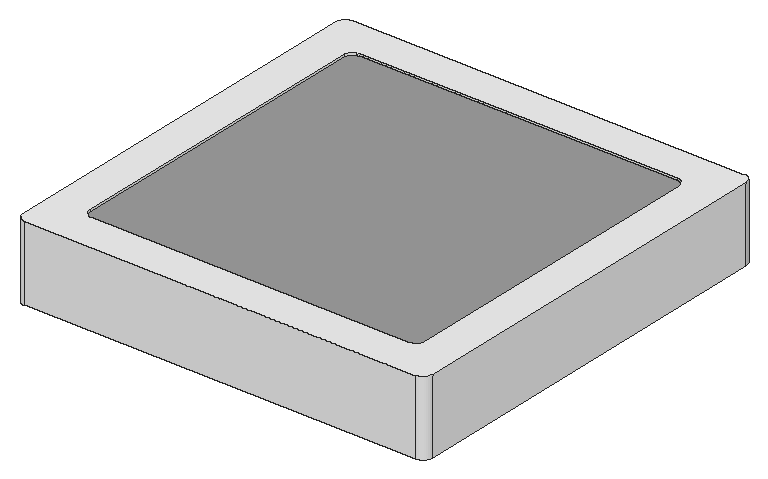
Revit family "0053304 Feilo Sylvania Lighting Fixture SYLFLAT SURFACE 1400 SQ 4000K", category Lighting Fixtures, host Face, Revit 2016
Family settings
  Host = Face
  Part Type = Normal
  Round Connector Dimension = Use Diameter
  OmniClass Number = 23.80.70.00
  OmniClass Title = Lighting
  Cut with Voids When Loaded = No
  Light Source = Yes
  Shared = No
  Room Calculation Point = No
Parameters (values of type "0053304 SYLFLAT SURFACE 1400 SQ 4000K")
  Weight = "6.588 kg"
  Wattage Comments = ""
  Wattage = 17 W
  WarrantyStartDate [instance] = "n/a"
  WarrantyGuarantorParts = "n/a"
  WarrantyDurationUnit = "n/a"
  WarrantyDurationParts = "n/a"
  WarrantyDescription = "n/a"
  built-in parameter 1150110 = 1 (stored number, unit not read)
  Voltage = 230 V
  URL = "http://www.feilosylvania.com"
  TypeName = "SYLFLAT SURFACE 1400 SQ 4000K"
  Type Image = <None>
  Type Comments = "n/a"
  built-in parameter 1114217 = 1 (stored number, unit not read)
  Tilt Angle = -90.00°
  built-in parameter 1150109 = 1 (stored number, unit not read)
  built-in parameter 1150134 = 12
  built-in parameter 1150113 = 1 (stored number, unit not read)
  Square_FEILO = yes
  SerialNumber [instance] = "n/a"
  Photometric Web File = "0053304.ies"
  Material_3_FEILO = none
  PowerFactor = 0.9
  PowerConsumption = "17 W"
  NominalLength = 220 mm
  NominalHeight = 40 mm
  NominalDepth = 220 mm
  Name = "SYLFLAT SURFACE 1400 SQ 4000K"
  ModelReference = Name  # "SYLFLAT SURFACE 1400 SQ 4000K"
  ModelNumber = "0053304"
  Model = Name  # "SYLFLAT SURFACE 1400 SQ 4000K"
  Material = "plastic housing, polycarbonate diffuser"
  ManufacturerName = "Feilo Sylvania"
  Manufacturer = "Feilo Sylvania"
  LuminousEfficacy = "85 lm/W"
  built-in parameter 1150105 = 114.99 (stored number, unit not read)
  Lumens = 1445 lm
  LuminaireType = ""
  built-in parameter 1150115 = 1 (stored number, unit not read)
  LightOutputRatio = "100"
  built-in parameter 1150137 = (empty or 0)
  built-in parameter 1150139 = (empty or 0)
  LampsType = Lamp  # "LED"
  LampNominalLuminous = "1440 lm"
  LampMacAdamStep = "n/a"
  LampColourTemperature = "4000 K"
  LampColourRenderingIndex = "0"
  built-in parameter 1150112 = 1 (stored number, unit not read)
  built-in parameter 1150114 = 1 (stored number, unit not read)
  Lamp = "LED"
  Keynote = "16500"
  InstallationDate [instance] = "n/a"
  InputVoltage = "220-240V~"
  InputNominalFrequency = "n/a"
  built-in parameter 1150132 = (empty or 0)
  built-in parameter 1150102 = (empty or 0)
  built-in parameter 1150107 = 4000 (stored number, unit not read)
  built-in parameter 1150138 = (empty or 0)
  IngressProtection = "IP20"
  ImpactProtectionIndex = "IK06"
  built-in parameter 1150106 = 1.1499 (stored number, unit not read)
  IfcExportType = "IfcLightFixtureType"
  IfcExportAs = "IfcLightFixtureType"
  Height_FEILO = 40 mm
  ExpectedLife = 50000
  Emit from Circle Diameter = Diameter_FEILO - 40 mm  # 180 mm
  Emit Shape Visible in Rendering = no
  ElectricShockClassification = "Class II"
  built-in parameter 1150104 = 7.8968 (stored number, unit not read)
  DurationUnit = "hours"
  DocumentationLiterature = "http://www.feilosylvania.com/product/en-int/products/0053304"
  DimmingControlOptions = "Non dimmable"
  Material_2_FEILO = Diffuser-Sylvania-SylFlat-Opaque
  Dimming Lamp Color Temperature Shift = <None>
  Diameter_FEILO = 220 mm
  Description = "Integrated square surface mounted 220mm x 220mm LED downlight providing uniform distribution with an opal diffuser, 110° beam angle, 1440LM, 17W, 85lm/W, 4000K, CRI80, non-dimmable, IP20, IK06, 25,000hrs (L70)"
  Default Elevation = 1219.2 mm
  CreatedOn = "1/26/2018"
  CreatedBy = "aron.fodor@feilosylvania.com"
  Cost = 0
  Color Filter = 16777215
  built-in parameter 1114216 [instance] = (empty or 0)
  ClassificationValue = "EF_70_80"
  ClassificationName = "Uniclass2015"
  Material_1_FEILO = Body-Sylvania-SylFlat-White
  Circle_FEILO = no
  BarCode [instance] = "n/a"
  built-in parameter 1114218 = 1 (stored number, unit not read)
  built-in parameter 1150133 = 10 (stored number, unit not read)
  AssetType = "Fixed"
  AssetIdentifier [instance] = "n/a"
  Assembly Code = "D5020200"
  Apparent Load = 17 VA
  Material_4_FEILO = none
Reference planes
  plane 1 "Center (Front/Back)": y = 0
  plane 2: z = 0
  plane 3 "Center (Left/Right)": x = 0
  plane 4: x = 110
  plane 5: x = -110
  plane 6: z = 40
  plane 7: x = -90
  plane 8: x = 90
  plane 9: z = 39
  plane 10: y = 110
  plane 11: y = -110
  plane 12: y = 90
  plane 13: y = -90
Forms (mm)
  Revolve 1, solid, material "Body-Sylvania-SylFlat-White" <- "Material_1_FEILO", visible <- "Circle_FEILO"
    sketch origin (0, 0, 0) x (1, 0, 0) y (0, 0, 1)
      loop
        line (0, 39) -> (-90, 39) -> (-90, 40) -> (-109, 40)
        arc (-109, 40) -> (-109.707, 39.707) -> (-110, 39) r 1
        line (-110, 39) -> (-110, 1)
        arc (-110, 1) -> (-109.707, 0.293) -> (-109, 0) r 1
        line (-109, 0) -> (0, 0) -> (0, 39)
      axis (0, 40) -> (0, 0)
    angle from 360 to 0
  Extrusion 2, solid, material "Body-Sylvania-SylFlat-White" <- "Material_1_FEILO", visible <- "Square_FEILO"
    sketch origin (0, 0, 0) x (1, 0, 0) y (0, 1, 0)
      loop
        arc (-105, 110) -> (-108.536, 108.536) -> (-110, 105) r 5
        line (-110, 105) -> (-110, -105)
        arc (-110, -105) -> (-108.536, -108.536) -> (-105, -110) r 5
        line (-105, -110) -> (105, -110)
        arc (105, -110) -> (108.536, -108.536) -> (110, -105) r 5
        line (110, -105) -> (110, 105)
        arc (110, 105) -> (108.536, 108.536) -> (105, 110) r 5
        line (105, 110) -> (-105, 110)
    from 0 to 40
  Extrusion 3, void
    sketch origin (1223.4, -4572, 40) x (-1, 0, 0) y (0, -1, 0)
      loop
        arc (1308.4, -4662) -> (1311.936, -4660.536) -> (1313.4, -4657) r 5
        line (1313.4, -4657) -> (1313.4, -4487)
        arc (1313.4, -4487) -> (1311.936, -4483.464) -> (1308.4, -4482) r 5
        line (1308.4, -4482) -> (1138.4, -4482)
        arc (1138.4, -4482) -> (1134.864, -4483.464) -> (1133.4, -4487) r 5
        line (1133.4, -4487) -> (1133.4, -4657)
        arc (1133.4, -4657) -> (1134.864, -4660.536) -> (1138.4, -4662) r 5
        line (1138.4, -4662) -> (1308.4, -4662)
    from 0 to -1
Cuts and joins
  Extrusion 3 cuts Extrusion 2
Dimensions and locks
  equal spacing: plane 4, plane 3 "Center (Left/Right)", plane 5
  "Diameter_FEILO": plane 4 to plane 5
  "Height_FEILO": plane 6 to plane 2
  equal spacing: plane 8, plane 3 "Center (Left/Right)", plane 7
  locked: plane 7 to plane 5 at 20
  locked: plane 6 to plane 9 at 1
  equal spacing: plane 11, plane 1 "Center (Front/Back)", plane 10
  equal spacing: plane 13, plane 1 "Center (Front/Back)", plane 12
  "Diameter_FEILO": plane 11 to plane 10
  locked: plane 12 to plane 10 at 20
  aligned and locked: plane 2 to host face
  aligned and locked: level to host face
  aligned and locked: Revolve 1 sketch curve to plane 3 "Center (Left/Right)"
  aligned and locked: plane 3 "Center (Left/Right)" to Revolve 1 sketch curve  (x2)
  aligned and locked: Revolve 1 sketch curve to plane 9
  aligned and locked: plane 7 to Revolve 1 sketch curve
  aligned and locked: Revolve 1 sketch curve to plane 6
  aligned and locked: Revolve 1 sketch curve to plane 5
  aligned and locked: Revolve 1 sketch curve to level
  aligned and locked: plane 10 to Extrusion 2 sketch curve
  aligned and locked: plane 5 to Extrusion 2 sketch curve
  aligned and locked: Extrusion 2 sketch curve to plane 11
  aligned and locked: Extrusion 2 sketch curve to plane 4
  aligned and locked: plane 12 to Extrusion 3 sketch curve
  aligned and locked: plane 7 to Extrusion 3 sketch curve
  aligned and locked: Extrusion 3 sketch curve to plane 13
  aligned and locked: Extrusion 3 sketch curve to plane 8
  aligned and locked: Extrusion 2 to plane 6
  aligned and locked: plane 9 to Extrusion 3
  aligned and locked: Extrusion 3 to plane 6
  aligned and locked: Extrusion 2 to level
  aligned and locked: Extrusion 2 to Extrusion 3
  aligned and locked: plane 3 "Center (Left/Right)" to imposter light
  aligned and locked: imposter light to plane 1 "Center (Front/Back)"
  aligned and locked: imposter light to plane 9
Automatic sketch dimensions
  host sketch curve to host sketch curve = 2438.4 mm  (x2)
  plane 5 to Revolve 1 sketch curve = 1 mm
  Revolve 1 sketch curve to Revolve 1 sketch curve = 1 mm
  Revolve 1 sketch curve to level = 609.6 mm
  Revolve 1 sketch curve to plane 6 = 2569.058 mm
  plane 10 to Extrusion 2 sketch curve = 0 mm
  plane 5 to Extrusion 2 sketch curve = 5 mm
  Extrusion 2 sketch curve to plane 7 = 15 mm
  Extrusion 2 sketch curve to plane 4 = 5 mm  (x2)
  plane 12 to Extrusion 3 sketch curve = 5 mm
  Extrusion 3 sketch curve to Extrusion 3 sketch curve = 5 mm  (x2)
  Extrusion 3 sketch curve to plane 13 = 5 mm
Connectors
  electrical at (0, 0, 0), driven by "Apparent Load", driven by "PowerFactor", driven by "Voltage"
    settings: index 1, voltage 230 V, apparent load 17 VA, apparent load phase1 0 VA, apparent load phase2 0 VA, apparent load phase3 0 VA, power factor 0.9, load classification "Lighting", number of poles 1, system type 30, power factor state 1, is connector primary yes, connector utility no, sub classification motor no, connector description ""
